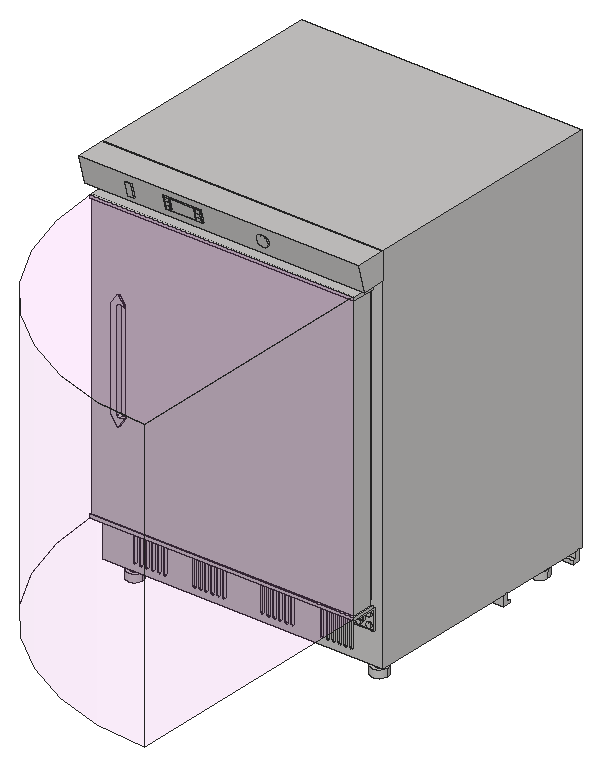
Revit family "QF_Kelvinator_738323_KCHUC23R", category Specialty Equipment, Revit 2021
Family settings
  Round Connector Dimension = Use Diameter
  Part Type = Normal
  Work Plane-Based = No
  Always vertical = Yes
  Cut with Voids When Loaded = No
  Shared = No
  Room Calculation Point = No
Parameters
  Weight in Pounds = 92.594
  Weight = 42.00 lbm
  Watts = 0 W
  Volts = 115 V
  URL Manufacturer = "KELVINATOR"
  URL Cutsheet = ""
  URL = "KELVINATOR"
  Specification by User = ""
  Specification by Manufacturer = ""
  Serial Number = ""
  Seismic Rating = ""
  SMACNA No = ""
  Revision Code = ""
  Refrigerant Type = "R600a"
  Phase = 1
  Number of Poles = 1
  NAFEM Spec ID Number = ""
  Model = "KCHUC23R"
  Min Ckt Ampacity = 0 A
  Max Overcurrent Protection = 0 A
  Masterspec = ""
  Manufacturer = "Kelvinator"
  Length Actual = 600"
  Length = 23.622"
  Item Number = "738323"
  Installed By = ""
  Identify Quantity as Lot = yes
  Height Actual = 839"
  Height = 33 1/16"
  HP = "0.3 HP"
  Gas KW = 0
  Furnished By = ""
  Foodservice Equipment Identifier = yes
  FL Amps = 2 A
  Electrical Remarks = ""
  Electric Connection Type = ""
  Elec Conn RI Height = 0"
  Elec Conn Connection Height = 0"
  Description = "1-SOLID DOOR ADA HEIGHT UNDER COUNTER REFRIGERATOR 24\" LONG"
  Depth Actual = 595"
  Depth = 23.425"
  Default Elevation = 0"
  Cycle = 60 Hz
  Conn Plug = "5-15P"
  Conn Conduit = yes
  CSI MasterFormat = ""
  Apparent Power = 0 VA
  Accessory = no
Reference planes (in)
  plane 1 "BACK": y = 0
  plane 2: z = 0
  plane 3 "LEFT": x = 0
  plane 4 "RIGHT": x = 23.622
  plane 5 "FRONT": y = -23.425
  plane 6 "TOP": z = 33.0625
  plane 7 "Center Y": x = 11.811
  plane 8 "Center X": y = -11.7125
Dimensions and locks (in)
  equal spacing: plane 3 "LEFT", plane 7 "Center Y", plane 4 "RIGHT"
  "Length": plane 3 "LEFT" to plane 4 "RIGHT"
  equal spacing: plane 5 "FRONT", plane 8 "Center X", plane 1 "BACK"
  "Depth": plane 5 "FRONT" to plane 1 "BACK"
  "Height": plane 6 "TOP" to level
  aligned and locked: level to plane 2
Nested families (in)
  nested 1: "KCHRI25R1DRE" at (0, 0, 0), type "KCHRI25R1DRE"
    with Show Clearance yes
Connectors (in)
  electrical at (11.8125, 0.13, 2.5), driven by "Volts", driven by "Watts"
    settings: on nested 1, index 1, voltage 115 V, apparent load 0 VA, apparent load phase1 0 VA, apparent load phase2 0 VA, apparent load phase3 0 VA, power factor 1, load classification "Other", number of poles 1, system type 30, power factor state 1, is connector primary yes, connector utility no, sub classification motor no, connector description ""
Definition of nested family "KCHRI25R1DRE"
  Parameters (values of type "KCHRI25R1DRE")
    Weight in Pounds = 0
    URL Cutsheet = ""
    Specification by User = ""
    Specification by Manufacturer = ""
    Show Clearance [instance] = yes
    Serial Number = ""
    Seismic Rating = ""
    SMACNA No = ""
    Revision Code = ""
    NAFEM Spec ID Number = ""
    Masterspec = ""
    Length = 23 5/8"
    Item Number = ""
    Installed By = ""
    Identify Quantity as Lot = yes
    Height = 33 1/16"
    Furnished By = ""
    Foodservice Equipment Identifier = yes
    Depth = 23 7/16"
    Default Elevation = 0"
    CSI MasterFormat = ""
  Reference planes (in)
    plane 1 "BACK": y = 0
    plane 2: z = 0
    plane 3 "LEFT": x = 0
    plane 4 "RIGHT": x = 23.625
    plane 5 "FRONT": y = -23.4375
    plane 6 "TOP": z = 33.0625
    plane 7 "Center Y": x = 11.8125
    plane 8 "Center X": y = -11.71875
    plane 9: y = -45.07
    plane 10: z = 30.79125
    plane 11: z = 2
    plane 12: y = -20.9
    plane 13: through (0, -24.0379, 35.3373) normal (0, 0.9659, 0.2588)
  Forms (in)
    Extrusion 1, solid
      sketch origin (0, 0, 0) x (0, 1, 0) y (0, 0, 1)
        loop
          line (-20.9, 33.0625) -> (-20.9, 1.5) -> (0, 1.5) -> (0, 33.0625) -> (-20.9, 33.0625)
      from 0 to 23.625
    Extrusion 2, solid
      sketch origin (0, -24.06217, 35.42785) x (0, -0.258819, 0.965926) y (1, 0, 0)
        loop
          line (-3.01321, 6.99749) -> (-3.01321, 10.1471) -> (-4.19431, 10.1471) -> (-4.19431, 6.99749) -> (-3.01321, 6.99749)
        loop
          line (-3.08986, 7.07623) -> (-3.08986, 7.46993) -> (-3.409, 7.46993) -> (-3.409, 7.07623) -> (-3.08986, 7.07623)
        loop
          line (-3.44419, 7.07623) -> (-3.44419, 7.46993) -> (-3.76333, 7.46993) -> (-3.76333, 7.07623) -> (-3.44419, 7.07623)
        loop
          line (-3.79852, 7.07623) -> (-3.79852, 7.46993) -> (-4.11766, 7.46993) -> (-4.11766, 7.07623) -> (-3.79852, 7.07623)
        loop
          line (-3.08986, 10.06836) -> (-3.409, 10.06836) -> (-3.409, 9.67466) -> (-3.08986, 9.67466) -> (-3.08986, 10.06836)
        loop
          line (-3.44419, 10.06836) -> (-3.76333, 10.06836) -> (-3.76333, 9.67466) -> (-3.44419, 9.67466) -> (-3.44419, 10.06836)
        loop
          line (-3.79852, 10.06836) -> (-4.11766, 10.06836) -> (-4.11766, 9.67466) -> (-3.79852, 9.67466) -> (-3.79852, 10.06836)
        loop
          line (-3.08986, 7.54742) -> (-3.08986, 9.59717) -> (-4.11377, 9.59717) -> (-4.11377, 7.54742) -> (-3.08986, 7.54742)
      from -0.01314 to -0.04602
    Extrusion 3, solid
      sketch origin (0, -24.06217, 35.42785) x (0, -0.258819, 0.965926) y (1, 0, 0)
        loop
          line (-3.08986, 9.67466) -> (-3.08986, 10.06836) -> (-3.409, 10.06836) -> (-3.409, 9.67466) -> (-3.08986, 9.67466)
        loop
          line (-3.44419, 9.67466) -> (-3.44419, 10.06836) -> (-3.76333, 10.06836) -> (-3.76333, 9.67466) -> (-3.44419, 9.67466)
        loop
          line (-3.79852, 9.67466) -> (-3.79852, 10.06836) -> (-4.11766, 10.06836) -> (-4.11766, 9.67466) -> (-3.79852, 9.67466)
        loop
          line (-3.08986, 7.46993) -> (-3.409, 7.46993) -> (-3.409, 7.07623) -> (-3.08986, 7.07623) -> (-3.08986, 7.46993)
        loop
          line (-3.44419, 7.46993) -> (-3.76333, 7.46993) -> (-3.76333, 7.07623) -> (-3.44419, 7.07623) -> (-3.44419, 7.46993)
        loop
          line (-3.79852, 7.46993) -> (-4.11766, 7.46993) -> (-4.11766, 7.07623) -> (-3.79852, 7.07623) -> (-3.79852, 7.46993)
      from 0 to -0.07874
    Extrusion 4, solid
      sketch origin (0, -24.06217, 35.42785) x (0, -0.258819, 0.965926) y (1, 0, 0)
        loop
          line (-3.08986, 7.54742) -> (-3.08986, 9.59717) -> (-4.11377, 9.59717) -> (-4.11377, 7.54742) -> (-3.08986, 7.54742)
      from 0 to -0.07874
    Extrusion 5, solid
      sketch origin (0, 0, -4.4425) x (0, 1, 0) y (0, 0, 1)
        loop
          line (-20.9, 37.505) -> (-23.4375, 37.505) -> (-22.83729, 35.23375) -> (-20.9, 35.23375) -> (-20.9, 37.505)
      from 0 to 23.625
    Extrusion 6, solid
      sketch origin (0, -23.70629, 34.09971) x (0, -0.258819, 0.965926) y (1, 0, 0)
        loop
          line (-1.71796, 3.80686) -> (-1.71796, 4.30686) -> (-2.96796, 4.30686) -> (-2.96796, 3.80686) -> (-1.71796, 3.80686)
        loop
          circle (-2.26997, 15.28125) r 0.5
      from -0.07874 to -0.01314
    Extrusion 7, void
      sketch origin (0, -20.9, 1.75) x (0, 0, -1) y (-1, 0, 0)
        loop
          line (-0.5, -2.59375) -> (-3.3125, -2.59375)
          arc (-3.3125, -2.59375) -> (-3.47585, -2.7571) -> (-3.3125, -2.92044) r 0.16335
          line (-3.3125, -2.92044) -> (-0.5, -2.92044)
          arc (-0.5, -2.92044) -> (-0.33665, -2.7571) -> (-0.5, -2.59375) r 0.16335
        loop
          line (-0.5, -3.09375) -> (-3.3125, -3.09375)
          arc (-3.3125, -3.09375) -> (-3.47585, -3.2571) -> (-3.3125, -3.42044) r 0.16335
          line (-3.3125, -3.42044) -> (-0.5, -3.42044)
          arc (-0.5, -3.42044) -> (-0.33665, -3.2571) -> (-0.5, -3.09375) r 0.16335
        loop
          line (-0.5, -3.59375) -> (-3.3125, -3.59375)
          arc (-3.3125, -3.59375) -> (-3.47585, -3.7571) -> (-3.3125, -3.92044) r 0.16335
          line (-3.3125, -3.92044) -> (-0.5, -3.92044)
          arc (-0.5, -3.92044) -> (-0.33665, -3.7571) -> (-0.5, -3.59375) r 0.16335
        loop
          line (-0.5, -4.09375) -> (-3.3125, -4.09375)
          arc (-3.3125, -4.09375) -> (-3.47585, -4.2571) -> (-3.3125, -4.42044) r 0.16335
          line (-3.3125, -4.42044) -> (-0.5, -4.42044)
          arc (-0.5, -4.42044) -> (-0.33665, -4.2571) -> (-0.5, -4.09375) r 0.16335
        loop
          line (-0.5, -4.59375) -> (-3.3125, -4.59375)
          arc (-3.3125, -4.59375) -> (-3.47585, -4.7571) -> (-3.3125, -4.92044) r 0.16335
          line (-3.3125, -4.92044) -> (-0.5, -4.92044)
          arc (-0.5, -4.92044) -> (-0.33665, -4.7571) -> (-0.5, -4.59375) r 0.16335
        loop
          line (-0.5, -5.09375) -> (-3.3125, -5.09375)
          arc (-3.3125, -5.09375) -> (-3.47585, -5.2571) -> (-3.3125, -5.42044) r 0.16335
          line (-3.3125, -5.42044) -> (-0.5, -5.42044)
          arc (-0.5, -5.42044) -> (-0.33665, -5.2571) -> (-0.5, -5.09375) r 0.16335
        loop
          line (-0.5, -7.59375) -> (-3.3125, -7.59375)
          arc (-3.3125, -7.59375) -> (-3.47585, -7.7571) -> (-3.3125, -7.92044) r 0.16335
          line (-3.3125, -7.92044) -> (-0.5, -7.92044)
          arc (-0.5, -7.92044) -> (-0.33665, -7.7571) -> (-0.5, -7.59375) r 0.16335
        loop
          line (-0.5, -8.09375) -> (-3.3125, -8.09375)
          arc (-3.3125, -8.09375) -> (-3.47585, -8.2571) -> (-3.3125, -8.42044) r 0.16335
          line (-3.3125, -8.42044) -> (-0.5, -8.42044)
          arc (-0.5, -8.42044) -> (-0.33665, -8.2571) -> (-0.5, -8.09375) r 0.16335
        loop
          line (-0.5, -8.59375) -> (-3.3125, -8.59375)
          arc (-3.3125, -8.59375) -> (-3.47585, -8.7571) -> (-3.3125, -8.92044) r 0.16335
          line (-3.3125, -8.92044) -> (-0.5, -8.92044)
          arc (-0.5, -8.92044) -> (-0.33665, -8.7571) -> (-0.5, -8.59375) r 0.16335
        loop
          line (-0.5, -9.09375) -> (-3.3125, -9.09375)
          arc (-3.3125, -9.09375) -> (-3.47585, -9.2571) -> (-3.3125, -9.42044) r 0.16335
          line (-3.3125, -9.42044) -> (-0.5, -9.42044)
          arc (-0.5, -9.42044) -> (-0.33665, -9.2571) -> (-0.5, -9.09375) r 0.16335
        loop
          line (-0.5, -9.59375) -> (-3.3125, -9.59375)
          arc (-3.3125, -9.59375) -> (-3.47585, -9.7571) -> (-3.3125, -9.92044) r 0.16335
          line (-3.3125, -9.92044) -> (-0.5, -9.92044)
          arc (-0.5, -9.92044) -> (-0.33665, -9.7571) -> (-0.5, -9.59375) r 0.16335
        loop
          line (-0.5, -10.09375) -> (-3.3125, -10.09375)
          arc (-3.3125, -10.09375) -> (-3.47585, -10.2571) -> (-3.3125, -10.42044) r 0.16335
          line (-3.3125, -10.42044) -> (-0.5, -10.42044)
          arc (-0.5, -10.42044) -> (-0.33665, -10.2571) -> (-0.5, -10.09375) r 0.16335
        loop
          arc (-0.5, -21.15625) -> (-0.33665, -20.9929) -> (-0.5, -20.82956) r 0.16335
          line (-0.5, -20.82956) -> (-3.3125, -20.82956)
          arc (-3.3125, -20.82956) -> (-3.47585, -20.9929) -> (-3.3125, -21.15625) r 0.16335
          line (-3.3125, -21.15625) -> (-0.5, -21.15625)
        loop
          arc (-0.5, -20.65625) -> (-0.33665, -20.4929) -> (-0.5, -20.32956) r 0.16335
          line (-0.5, -20.32956) -> (-3.3125, -20.32956)
          arc (-3.3125, -20.32956) -> (-3.47585, -20.4929) -> (-3.3125, -20.65625) r 0.16335
          line (-3.3125, -20.65625) -> (-0.5, -20.65625)
        loop
          arc (-0.5, -20.15625) -> (-0.33665, -19.9929) -> (-0.5, -19.82956) r 0.16335
          line (-0.5, -19.82956) -> (-3.3125, -19.82956)
          arc (-3.3125, -19.82956) -> (-3.47585, -19.9929) -> (-3.3125, -20.15625) r 0.16335
          line (-3.3125, -20.15625) -> (-0.5, -20.15625)
        loop
          arc (-0.5, -19.65625) -> (-0.33665, -19.4929) -> (-0.5, -19.32956) r 0.16335
          line (-0.5, -19.32956) -> (-3.3125, -19.32956)
          arc (-3.3125, -19.32956) -> (-3.47585, -19.4929) -> (-3.3125, -19.65625) r 0.16335
          line (-3.3125, -19.65625) -> (-0.5, -19.65625)
        loop
          arc (-0.5, -19.15625) -> (-0.33665, -18.9929) -> (-0.5, -18.82956) r 0.16335
          line (-0.5, -18.82956) -> (-3.3125, -18.82956)
          arc (-3.3125, -18.82956) -> (-3.47585, -18.9929) -> (-3.3125, -19.15625) r 0.16335
          line (-3.3125, -19.15625) -> (-0.5, -19.15625)
        loop
          arc (-0.5, -18.65625) -> (-0.33665, -18.4929) -> (-0.5, -18.32956) r 0.16335
          line (-0.5, -18.32956) -> (-3.3125, -18.32956)
          arc (-3.3125, -18.32956) -> (-3.47585, -18.4929) -> (-3.3125, -18.65625) r 0.16335
          line (-3.3125, -18.65625) -> (-0.5, -18.65625)
        loop
          arc (-0.5, -16.15625) -> (-0.33665, -15.9929) -> (-0.5, -15.82956) r 0.16335
          line (-0.5, -15.82956) -> (-3.3125, -15.82956)
          arc (-3.3125, -15.82956) -> (-3.47585, -15.9929) -> (-3.3125, -16.15625) r 0.16335
          line (-3.3125, -16.15625) -> (-0.5, -16.15625)
        loop
          arc (-0.5, -15.65625) -> (-0.33665, -15.4929) -> (-0.5, -15.32956) r 0.16335
          line (-0.5, -15.32956) -> (-3.3125, -15.32956)
          arc (-3.3125, -15.32956) -> (-3.47585, -15.4929) -> (-3.3125, -15.65625) r 0.16335
          line (-3.3125, -15.65625) -> (-0.5, -15.65625)
        loop
          arc (-0.5, -15.15625) -> (-0.33665, -14.9929) -> (-0.5, -14.82956) r 0.16335
          line (-0.5, -14.82956) -> (-3.3125, -14.82956)
          arc (-3.3125, -14.82956) -> (-3.47585, -14.9929) -> (-3.3125, -15.15625) r 0.16335
          line (-3.3125, -15.15625) -> (-0.5, -15.15625)
        loop
          arc (-0.5, -14.65625) -> (-0.33665, -14.4929) -> (-0.5, -14.32956) r 0.16335
          line (-0.5, -14.32956) -> (-3.3125, -14.32956)
          arc (-3.3125, -14.32956) -> (-3.47585, -14.4929) -> (-3.3125, -14.65625) r 0.16335
          line (-3.3125, -14.65625) -> (-0.5, -14.65625)
        loop
          arc (-0.5, -14.15625) -> (-0.33665, -13.9929) -> (-0.5, -13.82956) r 0.16335
          line (-0.5, -13.82956) -> (-3.3125, -13.82956)
          arc (-3.3125, -13.82956) -> (-3.47585, -13.9929) -> (-3.3125, -14.15625) r 0.16335
          line (-3.3125, -14.15625) -> (-0.5, -14.15625)
        loop
          arc (-0.5, -13.65625) -> (-0.33665, -13.4929) -> (-0.5, -13.32956) r 0.16335
          line (-0.5, -13.32956) -> (-3.3125, -13.32956)
          arc (-3.3125, -13.32956) -> (-3.47585, -13.4929) -> (-3.3125, -13.65625) r 0.16335
          line (-3.3125, -13.65625) -> (-0.5, -13.65625)
      from 0 to 0.03
    Extrusion 8, solid
      sketch origin (0, 0, 0) x (0, 1, 0) y (0, 0, 1)
        loop
          line (-0.25, 1.5) -> (-0.55, 1.5) -> (-0.55, 0.9) -> (-0.85, 0.9) -> (-0.85, 0.6) -> (-0.25, 0.6) -> (-0.25, 1.5)
        loop
          line (-8.15042, 1.5) -> (-8.15042, 0.6) -> (-7.55042, 0.6) -> (-7.55042, 0.9) -> (-7.85042, 0.9) -> (-7.85042, 1.5) -> (-8.15042, 1.5)
      from 0 to 23.625
    Extrusion 9, solid
      sketch origin (11.8125, 6.90541, 48.75) x (0, 1, 0) y (0, 0, 1)
        loop
          line (-28.19541, -18.9375) -> (-28.19541, -42.37723) -> (-27.80541, -42.37723) -> (-27.80541, -18.9375) -> (-28.19541, -18.9375)
      from -10.75 to 10.75
    Extrusion 10, solid
      sketch origin (23.225, -180, 5.74631) x (0, 0, 1) y (0, -1, 0)
        loop
          arc (0.13369, -157.43003) -> (0.06869, -157.36503) -> (0.00369, -157.43003) r 0.065
          line (0.00369, -157.43003) -> (0.00369, -158.97) -> (-1.53049, -158.97)
          arc (-1.53049, -158.97) -> (-1.59549, -159.035) -> (-1.53049, -159.1) r 0.065
          line (-1.53049, -159.1) -> (0.13369, -159.1) -> (0.13369, -157.43003)
      from -0.28875 to -1.93696
    Extrusion 11, solid
      sketch origin (23.225, -21.03, 5.88) x (0, 0, -1) y (1, 0, 0)
        loop
          circle (0.48805, -0.65854) r 0.19641
        loop
          circle (0.48805, -1.51195) r 0.2
        loop
          circle (1.33739, -0.65854) r 0.2
        loop
          circle (1.33739, -1.51195) r 0.2
        loop
          line (1.13, -1.16094) -> (1.13, -1.06477) -> (0.13, -1.06477) -> (0.13, -1.16094) -> (1.13, -1.16094)
      from 0 to 0.0825
    Extrusion 12, solid
      sketch origin (0, -20.9, 2.25) x (0, 0, 1) y (-1, 0, 0)
        loop
          circle (3.14195, -1.05854) r 0.19641
        loop
          circle (3.14195, -1.91195) r 0.2
        loop
          circle (2.29261, -1.05854) r 0.2
        loop
          circle (2.29261, -1.91195) r 0.2
      from 0 to 0.0825
    Revolve 13, solid
      sketch origin (0, -19.42, 1.5) x (0, 0, 1) y (1, 0, 0)
        loop
          line (0, 22.125) -> (0, 22.4375) -> (-0.9, 22.4375) -> (-0.9, 22.8125) -> (-1.5, 22.8125) -> (-1.5, 22.125) -> (0, 22.125)
        axis (-1.5, 22.125) -> (0, 22.125)
      angle from 0 to 360
    Revolve 14, solid
      sketch origin (23.625, -19.42, 1.5) x (0, 0, 1) y (1, 0, 0)
        loop
          line (0, -22.125) -> (-1.5, -22.125) -> (-1.5, -22.8125) -> (-0.9, -22.8125) -> (-0.9, -22.4375) -> (0, -22.4375) -> (0, -22.125)
        axis (-1.5, -22.125) -> (0, -22.125)
      angle from 0 to 360
    Revolve 15, solid
      sketch origin (0, -2.5, 1.5) x (0, 0, 1) y (-1, 0, 0)
        loop
          line (0, -22.125) -> (-1.5, -22.125) -> (-1.5, -22.8125) -> (-0.9, -22.8125) -> (-0.9, -22.4375) -> (0, -22.4375) -> (0, -22.125)
        axis (-1.5, -22.125) -> (0, -22.125)
      angle from 0 to 360
    Revolve 16, solid
      sketch origin (23.625, -2.5, 1.5) x (0, 0, 1) y (-1, 0, 0)
        loop
          line (0, 22.125) -> (0, 22.4375) -> (-0.9, 22.4375) -> (-0.9, 22.8125) -> (-1.5, 22.8125) -> (-1.5, 22.125) -> (0, 22.125)
        axis (-1.5, 22.125) -> (0, 22.125)
      angle from 0 to 360
    Extrusion 17, solid
      sketch origin (0, 0, 33.0625) x (0, 0, -1) y (-1, 0, 0)
        loop
          circle (30.5625, -11.8125) r 0.25
      from 0 to 0.13
  Cuts and joins
    Extrusion 7 cuts Extrusion 5
    Extrusion 7 cuts Extrusion 1
  Lines and regions (in)
    symbolic lines
      curve 1: line (0, -23.4375, 0) -> (0, 0, 0)
      curve 2: line (23.625, 0, 0) -> (0, 0, 0)
      curve 3: line (23.625, -23.4375, 0) -> (23.625, 0, 0)
      curve 4: line (23.625, -20.9, 0) -> (0, -20.9, 0)
      curve 5: line (0, -23.4375, 0) -> (23.625, -23.4375, 0)
      curve 6: line (3.80686, -23.4975, 0) -> (4.30686, -23.4975, 0)
      curve 7: line (4.30686, -23.4975, 0) -> (4.30686, -23.4375, 0)
      curve 8: line (3.80686, -23.4975, 0) -> (3.80686, -23.4375, 0)
      curve 9: line (6.65374, -23.48352, 0) -> (9.80335, -23.48352, 0)
      curve 10: line (9.80335, -23.48352, 0) -> (9.80335, -23.4375, 0)
      curve 11: line (6.65374, -23.48352, 0) -> (6.65374, -23.4375, 0)
      curve 12: line (11.3125, -23.4975, 0) -> (12.3125, -23.4975, 0)
      curve 13: line (12.3125, -23.4975, 0) -> (12.3125, -23.4375, 0)
      curve 14: line (11.3125, -23.4975, 0) -> (11.3125, -23.4375, 0)
  Dimensions and locks (in)
    equal spacing: plane 3 "LEFT", plane 7 "Center Y", plane 4 "RIGHT"
    "Length": plane 3 "LEFT" to plane 4 "RIGHT"
    equal spacing: plane 5 "FRONT", plane 8 "Center X", plane 1 "BACK"
    "Depth": plane 5 "FRONT" to plane 1 "BACK"
    "Height": plane 6 "TOP" to level
    plane 9 to plane 1 "BACK" = 45.07"
    plane 6 "TOP" to level = 33 1/16"
    plane 3 "LEFT" to plane 4 "RIGHT" = 23 5/8"
    plane 5 "FRONT" to plane 1 "BACK" = 23 7/16"
    plane 12 to plane 1 "BACK" = 20.9"
    aligned and locked: level to plane 2
    aligned and locked: Extrusion 8 to plane 4 "RIGHT"
  Automatic sketch dimensions
    Extrusion 1 sketch curve to plane 12 = 0"
    Extrusion 1 sketch curve to plane 1 "BACK" = 0"
    Extrusion 1 sketch curve to plane 6 "TOP" = 0"
    level to Extrusion 1 sketch curve = 1 1/2"
    Extrusion 2 sketch curve to plane 7 "Center Y" = 4.81501"
    Extrusion 2 sketch curve to Extrusion 2 sketch curve = 0.07665"  (x3)
    Extrusion 2 sketch curve to Extrusion 2 sketch curve = 1/256"
    Extrusion 2 sketch curve to Extrusion 2 sketch curve = 0.31914"  (x6)
    Extrusion 2 sketch curve to Extrusion 2 sketch curve = 0.03519"  (x4)
    Extrusion 2 sketch curve to Extrusion 2 sketch curve = 0"  (x7)
    Extrusion 2 sketch curve to Extrusion 2 sketch curve = 0.07874"  (x3)
    Extrusion 2 sketch curve to Extrusion 2 sketch curve = 0.3937"  (x2)
    Extrusion 2 sketch curve to Extrusion 2 sketch curve = 0.07748"  (x3)
    Extrusion 2 sketch curve to Extrusion 2 sketch curve = 2.04976"
    Extrusion 3 sketch curve to plane 7 "Center Y" = 4.73627"
    Extrusion 3 sketch curve to Extrusion 3 sketch curve = 0"  (x9)
    Extrusion 3 sketch curve to Extrusion 3 sketch curve = 0.31914"  (x6)
    Extrusion 3 sketch curve to Extrusion 3 sketch curve = 0.03519"  (x4)
    Extrusion 3 sketch curve to Extrusion 3 sketch curve = 0.3937"  (x2)
    Extrusion 3 sketch curve to plane 7 "Center Y" = 2.13784"
    Extrusion 4 sketch curve to plane 7 "Center Y" = 4.26508"
    Extrusion 4 sketch curve to Extrusion 4 sketch curve = 1.02391"
    Extrusion 4 sketch curve to Extrusion 4 sketch curve = 2.04976"
    plane 3 "LEFT" to Extrusion 6 sketch curve = 4.30686"
    plane 7 "Center Y" to Extrusion 6 sketch curve = 3 15/32"
    Extrusion 6 sketch curve to Extrusion 6 sketch curve = 0.69799"
    Extrusion 6 sketch curve to Extrusion 6 sketch curve = 1 1/4"
    Extrusion 6 sketch curve to Extrusion 6 sketch curve = 1/2"
    plane 3 "LEFT" to Extrusion 7 sketch curve = 2 19/32"
    level to Extrusion 7 sketch curve = 5 1/16"  (x2)
    plane 7 "Center Y" to Extrusion 7 sketch curve = 1.6804"
    Extrusion 7 sketch curve to Extrusion 7 sketch curve = 0"  (x42)
    Extrusion 7 sketch curve to Extrusion 7 sketch curve = 2 13/16"  (x4)
    Extrusion 7 sketch curve to Extrusion 7 sketch curve = 0.16335"  (x23)
    Extrusion 7 sketch curve to Extrusion 7 sketch curve = 0.17331"  (x20)
    Extrusion 7 sketch curve to Extrusion 7 sketch curve = 2.17331"  (x2)
    Extrusion 7 sketch curve to plane 7 "Center Y" = 1.39206"
    level to Extrusion 8 sketch curve = 1 1/2"  (x2)
    plane 8 "Center X" to Extrusion 8 sketch curve = 3.56833"
    Extrusion 8 sketch curve to Extrusion 8 sketch curve = 0.3"  (x5)
    plane 1 "BACK" to Extrusion 8 sketch curve = 0.85"
    plane 1 "BACK" to Extrusion 8 sketch curve = 1/4"
    Extrusion 8 sketch curve to Extrusion 8 sketch curve = 0.6"  (x2)
    Extrusion 9 sketch curve to plane 12 = 0"
    Extrusion 9 sketch curve to Extrusion 9 sketch curve = 0.39"
    level to Extrusion 9 sketch curve = 6.37277"
    Extrusion 9 sketch curve to plane 6 "TOP" = 3 1/4"
    Extrusion 10 sketch curve to plane 12 = 0"
    Extrusion 10 sketch curve to plane 12 = 0.13"
    level to Extrusion 10 sketch curve = 4.21581"
    Extrusion 10 sketch curve to Extrusion 10 sketch curve = 1.53419"
    Extrusion 10 sketch curve to Extrusion 10 sketch curve = 0.065"
    Extrusion 10 sketch curve to plane 5 "FRONT" = 0.86753"
    Extrusion 11 sketch curve to Extrusion 10 = 0"
    Extrusion 10 to Extrusion 11 sketch curve = 0.35805"  (x2)
    Extrusion 11 sketch curve to Extrusion 10 = 0.53419"
    Extrusion 11 sketch curve to Extrusion 10 = 0.3268"  (x2)
    Extrusion 10 to Extrusion 11 sketch curve = 0.42502"  (x2)
    Extrusion 11 sketch curve to Extrusion 11 sketch curve = 0.351"
    Extrusion 11 sketch curve to Extrusion 11 sketch curve = 0.09617"
    Extrusion 10 to Extrusion 11 sketch curve = 0.36979"  (x2)
    Extrusion 1 to Extrusion 12 sketch curve = 1.05854"
    Extrusion 12 sketch curve to Extrusion 1 = 3.04261"
    Extrusion 12 sketch curve to Extrusion 12 sketch curve = 0"  (x3)
    Extrusion 12 sketch curve to Extrusion 12 sketch curve = 0.84934"  (x2)
    Extrusion 12 sketch curve to Extrusion 12 sketch curve = 0.8534"
    Revolve 13 sketch curve to level = 0"  (x2)
    level to Revolve 13 sketch curve = 0.6"
    Revolve 13 sketch curve to Revolve 13 sketch curve = 0.9"
    plane 4 "RIGHT" to Revolve 13 sketch curve = 1 1/2"
    Revolve 13 sketch curve to Revolve 13 sketch curve = 5/16"
    Revolve 13 sketch curve to Revolve 13 sketch curve = 11/16"
    Revolve 13 sketch curve to Revolve 13 sketch curve = 0.36907"
    Revolve 13 sketch curve to Revolve 13 sketch curve = 0"
    Revolve 14 sketch curve to level = 0"  (x2)
    level to Revolve 14 sketch curve = 0.6"
    Revolve 14 sketch curve to Revolve 14 sketch curve = 0.9"
    plane 3 "LEFT" to Revolve 14 sketch curve = 13/16"
    Revolve 14 sketch curve to Revolve 14 sketch curve = 3/8"
    Revolve 14 sketch curve to Revolve 14 sketch curve = 5/16"
    Revolve 14 sketch curve to Revolve 14 sketch curve = 0.36907"
    Revolve 14 sketch curve to Revolve 14 sketch curve = 0"
    Revolve 15 sketch curve to level = 0"  (x2)
    level to Revolve 15 sketch curve = 0.6"
    Revolve 15 sketch curve to Revolve 15 sketch curve = 0.9"
    plane 4 "RIGHT" to Revolve 15 sketch curve = 13/16"
    Revolve 15 sketch curve to Revolve 15 sketch curve = 3/8"
    Revolve 15 sketch curve to Revolve 15 sketch curve = 5/16"
    Revolve 15 sketch curve to Revolve 15 sketch curve = 0.36907"
    Revolve 15 sketch curve to Revolve 15 sketch curve = 0"
    Revolve 16 sketch curve to level = 0"  (x2)
    level to Revolve 16 sketch curve = 0.6"
    Revolve 16 sketch curve to Revolve 16 sketch curve = 0.9"
    plane 3 "LEFT" to Revolve 16 sketch curve = 1 1/2"
    Revolve 16 sketch curve to Revolve 16 sketch curve = 5/16"
    Revolve 16 sketch curve to Revolve 16 sketch curve = 11/16"
    Revolve 16 sketch curve to Revolve 16 sketch curve = 0.36907"
    Revolve 16 sketch curve to Revolve 16 sketch curve = 0"
    plane 1 "BACK" to curve 1 = 0"
    curve 1 to plane 3 "LEFT" = 0"
    plane 5 "FRONT" to curve 8 = 0"
    curve 3 to plane 4 "RIGHT" = 0"
    curve 4 to plane 12 = 0"
    plane 5 "FRONT" to curve 6 = 0.06"
    plane 3 "LEFT" to curve 6 = 3.80686"
    curve 6 to curve 7 = 1/2"
    plane 5 "FRONT" to curve 9 = 0.04602"
    curve 6 to curve 9 = 2.34688"
    curve 10 to plane 7 "Center Y" = 2.00915"
    plane 5 "FRONT" to curve 14 = 0.06"
    curve 14 to plane 7 "Center Y" = 1/2"
    plane 7 "Center Y" to curve 13 = 1/2"
    Extrusion 5 sketch curve to plane 5 "FRONT" = 0"
    Extrusion 5 sketch curve to plane 10 = 0"
    Extrusion 5 sketch curve to plane 6 "TOP" = 0"
    Extrusion 5 sketch curve to plane 12 = 0"
    Extrusion 5 sketch curve to plane 5 "FRONT" = 0.60021"
    Extrusion 1 to Extrusion 17 sketch curve = 1"
    Extrusion 1 to Extrusion 17 sketch curve = 11 13/16"
    radius of Extrusion 6 sketch curve = 1/2"
    radius of Extrusion 11 sketch curve = 0.19641"
    radius of Extrusion 11 sketch curve = 0.2"  (x3)
    radius of Extrusion 12 sketch curve = 0.19641"
    radius of Extrusion 12 sketch curve = 0.2"  (x3)
    radius of Extrusion 17 sketch curve = 1/4"
  Nested families (in)
    nested 1: "Family4" at (0.7825, -21.29, 5.88), Show Clearance <- "Show Clearance", type "Family4"
  Definition of nested family "Family4"
    Parameters (values of type "Family4")
      Weight in Pounds = 0
      URL Cutsheet = ""
      Specification by User = ""
      Specification by Manufacturer = ""
      Show Clearance [instance] = yes
      Serial Number = ""
      Seismic Rating = ""
      SMACNA No = ""
      Revision Code = ""
      NAFEM Spec ID Number = ""
      Masterspec = ""
      Length = 22.06"
      Item Number = ""
      Installed By = ""
      Identify Quantity as Lot = yes
      Height = 24 51/128"
      Furnished By = ""
      Foodservice Equipment Identifier = yes
      Depth = 1.72"
      Default Elevation = 0"
      CSI MasterFormat = ""
    Reference planes (in)
      plane 1 "BACK": y = 0
      plane 2: z = 0
      plane 3 "LEFT": x = 0
      plane 4 "RIGHT": x = 22.06
      plane 5 "FRONT": y = -1.72
      plane 6 "TOP": z = 24.39844
      plane 7 "Center Y": x = 11.03
      plane 8 "Center X": y = -0.86
      plane 9: y = -2.27
    Forms (in)
      Extrusion 1, solid
        sketch origin (0, 0, 0) x (1, 0, 0) y (0, 0, 1)
          loop
            line (0, 24.39844) -> (0, 0) -> (22.06, 0) -> (22.06, 24.39844) -> (0, 24.39844)
        from 0 to 1.72
      Extrusion 2, void
        sketch origin (0, -1.72, -17.62578) x (-1, 0, 0) y (0, 0, 1)
          loop
            line (-1.94791, 26.10318) -> (-1.94791, 34.45318) -> (-2.28604, 34.99418)
            arc (-2.28604, 34.99418) -> (-2.38541, 35.04926) -> (-2.48479, 34.99418) r 0.11719
            line (-2.48479, 34.99418) -> (-2.82291, 34.45318) -> (-2.82291, 26.10318) -> (-2.48621, 25.56446)
            arc (-2.48621, 25.56446) -> (-2.38541, 25.50859) -> (-2.28462, 25.56446) r 0.11887
            line (-2.28462, 25.56446) -> (-1.94791, 26.10318)
        from 0 to 0.31887
      Extrusion 3, solid
        sketch origin (-10.88143, -0.86, 48) x (-1, 0, 0) y (0, 0, 1)
          loop
            line (-10.78768, -23.60156) -> (-33.03518, -23.60156) -> (-33.03518, -23.85156) -> (-10.78768, -23.85156) -> (-10.78768, -23.60156)
          loop
            line (-10.78768, -48) -> (-10.78768, -47.75) -> (-33.03518, -47.75) -> (-33.03518, -48) -> (-10.78768, -48)
        from -1 to 1
      Extrusion 4, solid
        sketch origin (0, -1.40113, -17.62578) x (1, 0, 0) y (0, 0, 1)
          loop
            arc (2.35979, 35.19418) -> (2.26041, 35.24926) -> (2.16104, 35.19418) r 0.11719
            line (2.16104, 35.19418) -> (1.69791, 34.45318) -> (1.69791, 26.10316) -> (2.15961, 25.36448)
            arc (2.15961, 25.36448) -> (2.26037, 25.30863) -> (2.36114, 25.36447) r 0.11884
            line (2.36114, 25.36447) -> (2.82291, 26.10316) -> (2.33995, 25.97375) -> (2.16317, 26.15053) -> (2.16317, 34.40581) -> (2.33995, 34.58259) -> (2.82291, 34.45318) -> (2.35979, 35.19418)
        from 0 to 0.45887
      Extrusion 5, solid, visible <- "Show Clearance"
        sketch origin (0, 0, 0) x (1, 0, 0) y (0, 1, 0)
          loop
            arc (0, -1.72) -> (6.46122, -17.31878) -> (22.06, -23.78) r 22.06
            line (22.06, -23.78) -> (22.06, -1.72) -> (0, -1.72)
        from 0 to 24.39844
    Cuts and joins
      Extrusion 2 cuts Extrusion 1
      joined: Extrusion 1, Extrusion 3
    Lines and regions (in)
      symbolic lines, visible <- "Show Clearance"
        curve 1: arc (0.00686, -2.27, 0) -> (0.86335, -7.83111, 0) -> (3.09883, -12.99465, 0) r 22.06
        curve 2: line (21.13504, -2.27, 0) -> (3.09883, -12.99465, 0)
    Dimensions and locks (in)
      equal spacing: plane 3 "LEFT", plane 7 "Center Y", plane 4 "RIGHT"
      "Length": plane 3 "LEFT" to plane 4 "RIGHT"
      equal spacing: plane 5 "FRONT", plane 8 "Center X", plane 1 "BACK"
      "Depth": plane 5 "FRONT" to plane 1 "BACK"
      "Height": plane 6 "TOP" to level
      plane 4 "RIGHT" to plane 3 "LEFT" = 22.06"
      plane 5 "FRONT" to plane 1 "BACK" = 1.72"
      aligned and locked: level to plane 2
    Automatic sketch dimensions
      Extrusion 1 sketch curve to level = 0"
      Extrusion 1 sketch curve to plane 3 "LEFT" = 0"
      plane 4 "RIGHT" to Extrusion 1 sketch curve = 0"
      Extrusion 1 sketch curve to plane 6 "TOP" = 0"
      Extrusion 2 sketch curve to Extrusion 1 = 1.94791"
      Extrusion 2 sketch curve to Extrusion 2 sketch curve = 0.3367"  (x2)
      Extrusion 2 sketch curve to Extrusion 2 sketch curve = 0.33813"
      Extrusion 2 sketch curve to Extrusion 2 sketch curve = 0.1008"  (x2)
      Extrusion 2 sketch curve to Extrusion 2 sketch curve = 0.09937"  (x2)
      Extrusion 2 sketch curve to Extrusion 1 = 7.93868"
      Extrusion 2 sketch curve to Extrusion 2 sketch curve = 0.063"
      Extrusion 2 sketch curve to Extrusion 2 sketch curve = 0.53872"  (x2)
      Extrusion 2 sketch curve to Extrusion 2 sketch curve = 8.35"
      Extrusion 2 sketch curve to Extrusion 2 sketch curve = 0"
      Extrusion 2 sketch curve to Extrusion 2 sketch curve = 0.47889"
      Extrusion 2 sketch curve to Extrusion 2 sketch curve = 0.06211"
      Extrusion 3 sketch curve to plane 6 "TOP" = 0"
      Extrusion 3 sketch curve to level = 0"
      Extrusion 3 sketch curve to plane 4 "RIGHT" = 3/32"  (x2)
      Extrusion 3 sketch curve to plane 3 "LEFT" = 3/32"  (x2)
      level to Extrusion 3 sketch curve = 1/4"
      Extrusion 3 sketch curve to Extrusion 3 sketch curve = 1/4"
      Extrusion 2 to Extrusion 4 sketch curve = 0"  (x2)
      Extrusion 4 sketch curve to Extrusion 2 = 0"  (x2)
      Extrusion 2 to Extrusion 4 sketch curve = 0.41323"
      Extrusion 2 to Extrusion 4 sketch curve = 0.41187"
      Extrusion 2 to Extrusion 4 sketch curve = 0.39204"  (x2)
      Extrusion 4 sketch curve to Extrusion 4 sketch curve = 0.09937"  (x2)
      Extrusion 4 sketch curve to Extrusion 4 sketch curve = 0.10077"  (x2)
      Extrusion 2 to Extrusion 4 sketch curve = 0.21526"
      Extrusion 4 sketch curve to Extrusion 2 = 1/4"
      Extrusion 4 sketch curve to Extrusion 4 sketch curve = 0.04737"  (x4)
      Extrusion 4 sketch curve to Extrusion 4 sketch curve = 8.25528"
      Extrusion 4 sketch curve to Extrusion 4 sketch curve = 0.17678"  (x2)
      Extrusion 4 sketch curve to Extrusion 4 sketch curve = 0.54629"
      Extrusion 4 sketch curve to Extrusion 4 sketch curve = 0.06298"
      Extrusion 4 sketch curve to Extrusion 4 sketch curve = 0.06211"
      Extrusion 5 sketch curve to plane 3 "LEFT" = 0"
      Extrusion 5 sketch curve to plane 4 "RIGHT" = 0"
      plane 5 "FRONT" to Extrusion 5 sketch curve = 0"
      curve 1 to plane 9 = 0"
      curve 2 to plane 9 = 0"
      curve 1 to plane 4 "RIGHT" = 0"
      plane 5 "FRONT" to curve 1 = 0"
      plane 3 "LEFT" to curve 2 = 3.09883"
      curve 2 to plane 9 = 10.72465"
      plane 4 "RIGHT" to curve 2 = 0.92496"
